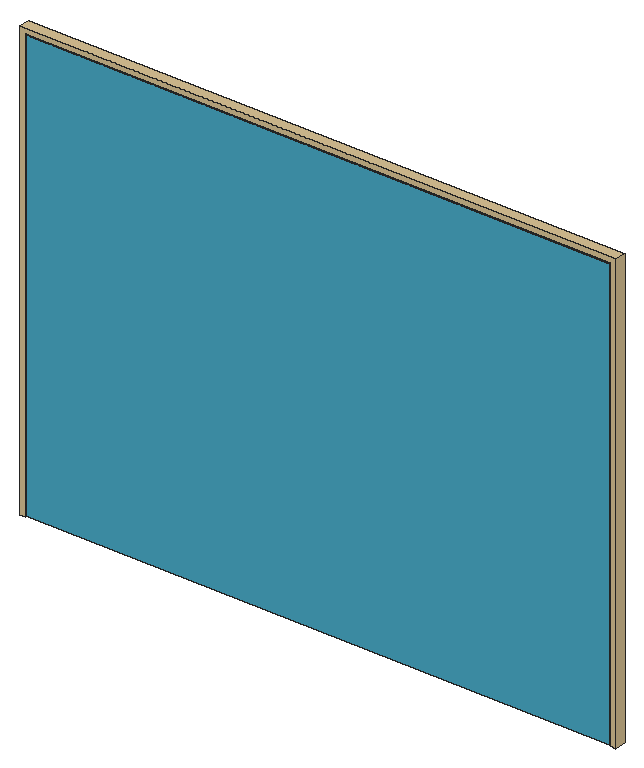
Revit family "0003_M_DR_W_C Type", category 문, Revit 2026
Family settings
  호스트 = 벽
  항상 수직 = 예
  로드될 때 보이드를 사용하여 절단 = 아니오
  공유 = 아니오
  룸 계산 점 = 아니오
Parameters (values of type "5100 X 3750")
  Wrap Layers (Ext) from Ext = 5100.0 mm
  Wrap Layers (Int) from Ext = 3750.0 mm
  Vis - Ironmongery = yes
  Vis - Cavity Closers = yes
  유형 설명 = "ST"
  두께 = Door Panel Thickness  # 44.0 mm
  Rough Width = Width  # 5100.0 mm
  Rough Height = Height  # 3750.0 mm
  작업 = "RollingUp"
  O/A Frame Width = 64.0 mm
  키노트 = "L20"
  Handle Z Distance = 900.0 mm
  기능 = 내부
  FrameWidth = 42.0 mm
  FrameOffset - External = 25.0 mm
  FrameDepth = 89.0 mm
  Door Panel Thickness = 44.0 mm
  Height = 3750.0 mm
  Material Door = Metal - Steel 2
  Material Frame = Door -  Frame/Mullion
  Material Ironmongery = Door - Handle
  Structural Tolerance = 6.5 mm
  Tolerance = 3.0 mm
  Undercut = 10.0 mm
  벽 마무리 = 호스트별
  Width = 5100.0 mm
  Cavity Closer Width = 50.0 mm
  Cavity Closer Offset from Ext = 102.5 mm
  Cavity Closer Depth = 85.0 mm
  Assembly Code = ""
Reference planes
  plane 1: y = 0
  plane 2 "Left": x = -1135.5
  plane 3 "Right": x = 3964.5
  plane 4 "Head Opening": z = 3750
  plane 5 "Exterior": y = 150
  plane 6 "Interior": y = -150
  plane 7 "ST left": x = -1129
  plane 8 "ST right": x = 3958
  plane 9 "Int frame left": x = -1087
  plane 10 "Int frame right": x = 3916
  plane 11 "RHS Leaf Edge": x = 3913
  plane 12: z = 3743.5
  plane 13: z = 3701.5
  plane 14: z = 3698.5
  plane 15: y = 83
  plane 16 "LHS Leaf Edge": x = -1084
  plane 17: z = 0
  plane 18: y = 80
  plane 19: y = 125
  plane 20: y = 36
  plane 21: z = 10
  plane 22: z = 0
  plane 23 "Front Cavity Closer": y = 47.5
  plane 24: z = 900
  plane 25: x = 1414.5
  plane 26: y = -4950
  plane 27: y = -3600
Forms (mm)
  Sweep 1, solid, material "Door -  Frame/Mullion" <- "Material Frame"
    path origin (0, 125, 0) x (1, 0, 0) y (0, 0, 1)
      loop
        line (3958, 0) -> (3958, 3743.5) -> (-1129, 3743.5) -> (-1129, 0)
    profile origin (0, 0, 1871.75) x (-1, 0, 0) y (0, -1, 0)
      loop
        line (-3964.5, -125) -> (-3894, -125) -> (-3894, -83) -> (-3916, -83) -> (-3916, -36) -> (-3964.5, -36) -> (-3964.5, -125)
  Extrusion 2, solid, material "Metal - Steel 2" <- "Material Door"
    sketch origin (0, 36, 0) x (1, 0, 0) y (0, 0, 1)
      loop
        line (-1084, 10) -> (3913, 10) -> (3913, 3698.5) -> (-1084, 3698.5) -> (-1084, 10)
    from 0 to -44
Lines and regions (mm)
  Opening 1
    outline origin (-5000, -150, 0) x (1, 0, 0) y (0, 0, 1)
      loop
        line (8964.5, 3750) -> (3864.5, 3750) -> (3864.5, 0) -> (8964.5, 0) -> (8964.5, 3750)
  symbolic lines, style "Structural Opening", detail levels medium+fine
    curve 1: line (-1135.5, 0, 0) -> (-1135.5, 0, 3750)
    curve 2: line (-1135.5, 0, 3750) -> (3964.5, 0, 3750)
    curve 3: line (3964.5, 0, 3750) -> (3964.5, 0, 0)
    curve 4: line (-1135.5, 0, 0) -> (3964.5, 0, 0)
  symbolic lines, style "Threshold", detail levels medium+fine
    curve 5: line (3913, 36, 0) -> (1158, 36, 0)
  symbolic lines, style "Cavity Closer", visible <- "Vis - Cavity Closers", detail levels medium+fine
    curve 6: line (-1185.5, -37.5, 0) -> (-1135.5, -37.5, 0)
    curve 7: line (-1185.5, 47.5, 0) -> (-1185.5, -37.5, 0)
    curve 8: line (-1135.5, 47.5, 0) -> (-1185.5, 47.5, 0)
    curve 9: line (-1135.5, -37.5, 0) -> (-1135.5, 47.5, 0)
    curve 10: line (3964.5, -37.5, 0) -> (4014.5, -37.5, 0)
    curve 11: line (3964.5, 47.5, 0) -> (3964.5, -37.5, 0)
    curve 12: line (4014.5, 47.5, 0) -> (3964.5, 47.5, 0)
    curve 13: line (4014.5, -37.5, 0) -> (4014.5, 47.5, 0)
    curve 14: line (-1185.5, -37.5, 0) -> (-1135.5, 47.5, 0)
    curve 15: line (-1185.5, 47.5, 0) -> (-1135.5, -37.5, 0)
    curve 16: line (3964.5, -37.5, 0) -> (4014.5, 47.5, 0)
    curve 17: line (3964.5, 47.5, 0) -> (4014.5, -37.5, 0)
  symbolic lines, style "DoorsFrameMullionProjection"
    curve 18: line (3916, 0, 3698.5) -> (3916, 0, 0)
    curve 19: line (-853.5, 0, 3698.5) -> (3916, 0, 3698.5)
  symbolic lines, style "Elevation Swing"
    curve 20: line (3894, 0, 10) -> (1416, 0, 3698.5)
    curve 21: line (1414.5, 0, 3698.5) -> (-1065, 0, 10)
  symbolic lines, style "DoorsPanelProjection"
    curve 22: line (3913, 80, 0) -> (-1084, 80, 0)
    curve 23: line (-1084, 36, 0) -> (3913, 36, 0)
    curve 24: line (-1084, 80, 0) -> (-1084, 36, 0)
    curve 25: line (3913, 36, 0) -> (3913, 80, 0)
  model lines, style "DoorsPanelProjection"
    curve 26: line (3894, 80, 80) -> (-1065, 80, 80)
    curve 27: line (3894, 80, 3639.5) -> (-1065, 80, 3639.5)
    curve 28: line (3894, 80, 267.342) -> (-1065, 80, 267.342)
    curve 29: line (3894, 80, 454.684) -> (-1065, 80, 454.684)
    curve 30: line (3894, 80, 642.026) -> (-1065, 80, 642.026)
    curve 31: line (3894, 80, 829.368) -> (-1065, 80, 829.368)
    curve 32: line (3894, 80, 1016.711) -> (-1065, 80, 1016.711)
    curve 33: line (3894, 80, 1204.053) -> (-1065, 80, 1204.053)
    curve 34: line (3894, 80, 1391.395) -> (-1065, 80, 1391.395)
    curve 35: line (3894, 80, 1578.737) -> (-1065, 80, 1578.737)
    curve 36: line (3894, 80, 1766.079) -> (-1065, 80, 1766.079)
    curve 37: line (3894, 80, 1953.421) -> (-1065, 80, 1953.421)
    curve 38: line (3894, 80, 2140.763) -> (-1065, 80, 2140.763)
    curve 39: line (3894, 80, 2328.105) -> (-1065, 80, 2328.105)
    curve 40: line (3894, 80, 2515.447) -> (-1065, 80, 2515.447)
    curve 41: line (3894, 80, 2702.789) -> (-1065, 80, 2702.789)
    curve 42: line (3894, 80, 2890.132) -> (-1065, 80, 2890.132)
    curve 43: line (3894, 80, 3077.474) -> (-1065, 80, 3077.474)
    curve 44: line (3894, 80, 3452.158) -> (-1065, 80, 3452.158)
    curve 45: line (3894, 80, 3264.816) -> (-1065, 80, 3264.816)
Text (mm)
  text "Exterior" at (-1796.445, 976.134, 0), in view "Ref. Level"
  text "Exterior" at (0, 1615.38, 2893.938), in view "Left"
  text "Exterior" at (0, 1036.032, 3874.932), in view "Right"
Dimensions and locks
  plane 2 "Left" to plane 3 "Right" = 5100.0 mm
  "Width": plane 2 "Left" to plane 3 "Right"
  "Height": level to plane 4 "Head Opening"
  locked: plane 5 "Exterior" to host wall at 0
  locked: plane 6 "Interior" to host wall
  "Structural Tolerance": plane 2 "Left" to plane 7 "ST left"
  "Structural Tolerance": plane 8 "ST right" to plane 3 "Right"
  "Tolerance": plane 11 "RHS Leaf Edge" to plane 10 "Int frame right"
  "Structural Tolerance": plane 4 "Head Opening" to plane 12
  "Tolerance": plane 13 to plane 14
  "Door Panel Thickness": plane 20 to plane 18
  "Tolerance": plane 9 "Int frame left" to plane 16 "LHS Leaf Edge"
  "Tolerance": plane 18 to plane 15
  "FrameDepth": plane 20 to plane 19
  "FrameWidth": plane 7 "ST left" to plane 9 "Int frame left"
  "FrameWidth": plane 10 "Int frame right" to plane 8 "ST right"
  "O/A Frame Width": Sweep 1 sketch curve to plane 8 "ST right"
  "FrameOffset - External": plane 19 to plane 5 "Exterior"
  "Undercut": plane 22 to plane 21
  "FrameWidth": plane 12 to plane 13
  "Cavity Closer Offset from Ext": plane 23 "Front Cavity Closer" to plane 5 "Exterior"
  "Cavity Closer Depth": curve 6 to plane 23 "Front Cavity Closer"
  "Cavity Closer Depth": curve 10 to plane 23 "Front Cavity Closer"
  "Cavity Closer Width": curve 7 to plane 2 "Left"
  "Cavity Closer Width": plane 3 "Right" to curve 13
  "Handle Z Distance": level to plane 24
  locked: level to curve 26 at 80
  locked: curve 27 to plane 4 "Head Opening" at 110.5
  equal spacing: plane 2 "Left", plane 25, plane 3 "Right"
  "Wrap Layers (Ext) from Ext": plane 26 to plane 5 "Exterior"
  "Wrap Layers (Int) from Ext": plane 27 to plane 5 "Exterior"
  aligned and locked: plane 1 to host wall
  aligned and locked: plane 8 "ST right" to Sweep 1 sketch curve
  aligned and locked: Sweep 1 sketch curve to plane 12
  aligned and locked: profile plane to plane 8 "ST right"
  aligned and locked: Sweep 1 sketch curve to plane 3 "Right"
  aligned and locked: Sweep 1 sketch curve to plane 15
  aligned and locked: plane 10 "Int frame right" to Sweep 1 sketch curve
  aligned and locked: plane 20 to Sweep 1 sketch curve
  aligned and locked: Sweep 1 sketch curve to plane 19
  aligned and locked: plane 14 to Extrusion 2 sketch curve
  aligned and locked: Extrusion 2 to plane 18
  aligned and locked: plane 21 to Extrusion 2
  aligned and locked: plane 2 "Left" to nested 1
  aligned and locked: nested 1 to plane 23 "Front Cavity Closer"
  aligned and locked: nested 2 to plane 3 "Right"
  aligned and locked: Extrusion 2 sketch curve to plane 16 "LHS Leaf Edge"
  aligned and locked: level to Sweep 1 sketch curve  (x2)
  aligned and locked: level to plane 22
  aligned and locked: Sweep 1 to curve 26  (x2)
  aligned and locked: Sweep 1 to curve 28  (x2)
  aligned and locked: Sweep 1 to curve 29  (x2)
  aligned and locked: Sweep 1 to curve 30  (x2)
  aligned and locked: Sweep 1 to curve 31  (x2)
  aligned and locked: Sweep 1 to curve 32  (x2)
  aligned and locked: Sweep 1 to curve 33  (x2)
  aligned and locked: Sweep 1 to curve 34  (x2)
  aligned and locked: Sweep 1 to curve 35  (x2)
  aligned and locked: Sweep 1 to curve 36  (x2)
  aligned and locked: Sweep 1 to curve 37  (x2)
  aligned and locked: Sweep 1 to curve 38  (x2)
  aligned and locked: Sweep 1 to curve 39  (x2)
  aligned and locked: Sweep 1 to curve 40  (x2)
  aligned and locked: Sweep 1 to curve 41  (x2)
  aligned and locked: Sweep 1 to curve 42  (x2)
  aligned and locked: Sweep 1 to curve 43  (x2)
  aligned and locked: Sweep 1 to curve 45  (x2)
  aligned and locked: Sweep 1 to curve 44  (x2)
  aligned and locked: Sweep 1 to curve 27  (x2)
  aligned and locked: plane 23 "Front Cavity Closer" to nested 2
Automatic sketch dimensions
  Sweep 1 sketch curve to plane 7 "ST left" = 0.0 mm
  Extrusion 2 sketch curve to plane 11 "RHS Leaf Edge" = 0.0 mm
  curve 9 to plane 2 "Left" = 0.0 mm
  curve 17 to plane 3 "Right" = 0.0 mm
  curve 9 to plane 23 "Front Cavity Closer" = 0.0 mm
  curve 11 to plane 23 "Front Cavity Closer" = 0.0 mm
  Extrusion 2 sketch curve to plane 21 = 0.0 mm
  curve 24 to plane 16 "LHS Leaf Edge" = 0.0 mm
  curve 5 to plane 11 "RHS Leaf Edge" = 0.0 mm
  curve 23 to plane 20 = 0.0 mm
  curve 25 to plane 18 = 0.0 mm
  curve 1 to plane 2 "Left" = 0.0 mm
  curve 1 to plane 4 "Head Opening" = 0.0 mm
  curve 20 to plane 14 = 0.0 mm
  curve 21 to plane 21 = 0.0 mm
  curve 20 to plane 21 = 0.0 mm
  curve 3 to level = 0.0 mm
  curve 18 to level = 0.0 mm
  curve 18 to plane 10 "Int frame right" = 0.0 mm
  curve 3 to plane 3 "Right" = 0.0 mm
  curve 21 to curve 20 = 1.5 mm
  curve 21 to plane 16 "LHS Leaf Edge" = 19.0 mm
  plane 11 "RHS Leaf Edge" to curve 20 = 19.0 mm
  curve 21 to plane 25 = 0.0 mm
  curve 5 to plane 25 = 256.5 mm
  curve 27 to curve 19 = 211.5 mm
  Opening 1 sketch curve to plane 2 "Left" = 0.0 mm
  Opening 1 sketch curve to level = 0.0 mm
  Opening 1 sketch curve to plane 3 "Right" = 0.0 mm
  Opening 1 sketch curve to plane 4 "Head Opening" = 0.0 mm
  curve 27 to curve 44 = 187.342 mm
  curve 44 to curve 45 = 187.342 mm
  curve 45 to curve 43 = 187.342 mm
  curve 43 to curve 42 = 187.342 mm
  curve 42 to curve 41 = 187.342 mm
  curve 41 to curve 40 = 187.342 mm
  curve 40 to curve 39 = 187.342 mm
  curve 39 to curve 38 = 187.342 mm
  curve 38 to curve 37 = 187.342 mm
  curve 37 to curve 36 = 187.342 mm
  curve 36 to curve 35 = 187.342 mm
  curve 35 to curve 34 = 187.342 mm
  curve 34 to curve 33 = 187.342 mm
  curve 32 to plane 24 = 116.711 mm
  plane 24 to curve 31 = 70.632 mm
  curve 31 to curve 30 = 187.342 mm
  curve 30 to curve 29 = 187.342 mm
  curve 28 to curve 26 = 187.342 mm
Nested families
  nested 1: "UK_Cavity Closer" at (-1185.5, 47.5, 0), visible <- "Vis - Cavity Closers", type "UK_Cavity Closer", detail levels medium+fine
  nested 2: "UK_Cavity Closer" at (3964.5, 47.5, 0), visible <- "Vis - Cavity Closers", type "UK_Cavity Closer", detail levels medium+fine
Definition of nested family "UK_Cavity Closer"
  Parameters
    Closer Width = 50.0 mm
    Closer Depth = 75.0 mm
  Reference planes
    plane 1 "Center (Front/Back)": y = 0
    plane 2: z = 0
    plane 3 "Center (Left/Right)": x = 0
    plane 4: x = 50, in view "Ref. Level"
    plane 5: y = -75, in view "Ref. Level"
  Lines and regions (mm)
    Masking region 1, in view "Ref. Level"
      outline origin (0, 0, 0) x (1, 0, 0) y (0, 1, 0)
        loop
          line (0, 0) -> (0, -75) -> (50, -75) -> (50, 0) -> (0, 0)
  Dimensions and locks
    "Closer Width": plane 3 "Center (Left/Right)" to plane 4
    "Closer Depth": plane 5 to plane 1 "Center (Front/Back)"
  Automatic sketch dimensions
    Masking region 1 sketch curve to plane 3 "Center (Left/Right)" = 0.0 mm
    Masking region 1 sketch curve to plane 4 = 0.0 mm
    Masking region 1 sketch curve to plane 5 = 0.0 mm
    Masking region 1 sketch curve to plane 1 "Center (Front/Back)" = 0.0 mm
